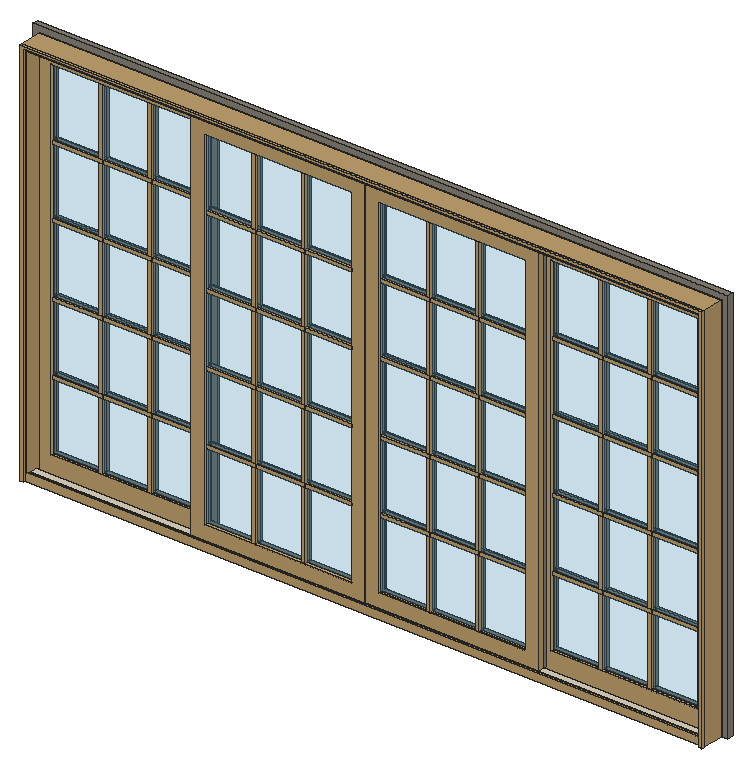
Revit family
Parameters (values of type "CSPD12068")
  Void Offset = if(and(Casing Visibility, BMC), 0' 1 5/16", if(and(Casing Visibility, Flat Casing), 0' 3", 0' 0"))  # 0' - 1 5/16"
  URL = "www.marvin.com"
  Thickness = 0' - 1 3/4"
  Sill Material = Fiberglass_Pultrusion-Marvin-Beige
  Rough Width = Width + 0' 1"  # 12' - 0"
  Rough Height = Height + 0' 0 1/2"  # 6' - 10 1/2"
  Prairie Corner Width = 0' - 4"
  Prairie Corner Height = 0' - 4"
  Operator Arrow Visibility = yes
  Nominal Width = 12' - 0"
  Nominal Height = 6' - 8"
  Muntins Interior Visibility = yes
  Muntins Interior Material = Wood-Marvin-Pine
  Muntins Exterior Visibility = yes
  Muntins Exterior Material = Aluminum-Marvin-Bronze
  Model = "CSPD12068"
  Manufacturer = "Marvin Windows and Doors"
  Lites Wide = 3
  Lites High = 5
  Lite Cut Prairie 9 = no
  Lite Cut HV Grid = not(Lite Cut Prairie 9)  # yes
  Label Visibility = no
  Jamb Extension Visibility = yes
  Interior Material = Wood-Marvin-Pine
  Inset to Installation Flange [instance] = 0' - 1"
  Height = if(Nominal Height = 6' 6", Nominal Height + 0' 1 1/2", if(Nominal Height = 6' 8", Nominal Height + 0' 2", if(Nominal Height = 7' 0", Nominal Height + 0' 2", Nominal Height - 0' 0 1/2")))  # 6' - 10"
  Wall Closure = (empty or 0)
  Width = Nominal Width - 0' 1"  # 11' - 11"
  Glazing Material = Glass-Marvin-IG Low E II with Argon
  Glass Type = "IG Low E II with Argon"
  Function = 1
  Frame = "Aluminum Clad"
  Flat Casing Visibility = and(Casing Visibility, Flat Casing)  # no
  Family created by = "www.rbuiltcomponents.com"
  Door Type = "Clad Sliding Patio Door"
  Design Pressure = "DP25"
  Description = "14480 SL DOOR"
  Daylight Area = DLO Width * DLO Height * 4  # 61.7205 SF
  DLO Width = (Width - 1' 9 1/4") / 4  # 2' - 6 7/16"
  DLO Height = Height - 0' 9"  # 6' - 1"
  Cladding Material = Aluminum-Marvin-Bronze
  Casing Width = if(BMC, 0' 1 5/16", 0' 3")  # 0' - 1 5/16"
  Casing Visibility = yes
  BMC Visibility = and(Casing Visibility, BMC)  # yes
  BMC = yes
  Flat Casing = not(BMC)  # no
  Assembly Code = ""
Reference planes (in)
  plane 1 "Center (Front/Back)": y = 0
  plane 2 "Center (Left/Right)": x = 0
  plane 3 "Top": z = 82
  plane 4 "Exterior": y = 3
  plane 5 "Interior": y = -3
  plane 6 "Inset": y = 2
  plane 7 "Glazing": y = -0.65625
  plane 8: x = -67.625
  plane 9: x = -3.03125
  plane 10: z = 77.8125
  plane 11: z = 4.8125
  plane 12 "Jamb Ext Face": y = -2.5625
  plane 13: x = -33.46875
  plane 14: x = -37.1875
  plane 15: x = -52.40625
  plane 16: x = -18.25
  plane 17 "Glazing 2": y = 1.84375
  plane 18 "Void Offset": z = 83.3125
  plane 19 "Casing": z = 83.3125
  plane 20 "Right": x = 71.5
  plane 21 "Left": x = -71.5
  plane 22: x = 67.625
  plane 23: x = 37.1875
  plane 24: x = 52.40625
  plane 25: x = 33.46875
  plane 26: x = 3.03125
  plane 27: x = 18.25
  plane 28: y = -2.59375
Forms (in)
  Sweep 1, solid, material "Aluminum-Marvin-Bronze" <- "Cladding Material"
    path origin (0, -0.65625, 0) x (1, 0, 0) y (0, 0, 1)
      loop
        line (-33.46875, 4.8125) -> (-3.03125, 4.8125) -> (-3.03125, 77.8125) -> (-33.46875, 77.8125) -> (-33.46875, 4.8125)
    profile "Clad_Panel : Clad_Panel" origin (-33.46875, -0.65625, 41.3125) x (-1, 0, 0) y (0, -1, 0)
      loop
        line (3, 0) -> (0, 0) -> (0, -0.05719) -> (0.20804, -0.26523) -> (0.20804, -0.4375) -> (3, -0.4375) -> (3, 0)
  Sweep 2, solid, material "Wood-Marvin-Pine" <- "Interior Material"
    path origin (0, -0.65625, 0) x (1, 0, 0) y (0, 0, 1)
      loop
        line (-33.46875, 77.8125) -> (-33.46875, 4.8125) -> (-3.03125, 4.8125) -> (-3.03125, 77.8125) -> (-33.46875, 77.8125)
    profile "Int_Panel : Int_Panel" origin (-33.46875, -0.65625, 41.3125) x (1, 0, 0) y (0, -1, 0)
      loop
        line (-3, 1.3125) -> (-3, 0) -> (-0.72484, 0) -> (-0.72484, 0.82511) -> (0, 0.82511) -> (0, 0.97108) -> (-0.19709, 1.3125) -> (-3, 1.3125)
  Sweep 3, solid, material "Aluminum-Marvin-Bronze" <- "Cladding Material"
    path origin (0, 2, 0) x (1, 0, 0) y (0, 0, 1)
      loop
        line (-71.5, 0) -> (-71.5, 82) -> (71.5, 82) -> (71.5, 0)
    profile "Clad_Frame : Clad_Frame" origin (-71.5, 2, 41) x (-1, 0, 0) y (0, -1, 0)
      loop
        line (0, -1.09375) -> (0, 0) -> (-0.891, 0) -> (-0.891, -0.3871) -> (-0.67848, -0.3871) -> (-0.67848, -1.09375) -> (0, -1.09375)
  Sweep 4, solid, material "Wood-Marvin-Pine" <- "Interior Material"
    path origin (0, 2, 0) x (1, 0, 0) y (0, 0, 1)
      loop
        line (-71.5, 0) -> (-71.5, 82) -> (71.5, 82) -> (71.5, 0)
    profile "Int_Frame : Int_Frame" origin (-71.5, 2, 41) x (-1, 0, 0) y (0, -1, 0)
      loop
        line (0, 0) -> (0, 4.5625) -> (-1.06374, 4.5625) -> (-1.06374, 1.46938) -> (-0.891, 1.46938) -> (-0.891, 0) -> (0, 0)
  Sweep 5, solid, material "Fiberglass_Pultrusion-Marvin-Beige" <- "Sill Material"
    path origin (0, 2, 0) x (1, 0, 0) y (0, 0, 1)
      loop
        line (70.43626, 0) -> (-70.43626, 0)
    profile "Sill : Sill" origin (0, 2, 0) x (0, 0, -1) y (0, -1, 0)
      loop
        line (-0.56617, 0) -> (0, 0) -> (0, 3.9375) -> (-1.61915, 3.9375) -> (-1.61915, 2.43933) -> (-0.82254, 2.43933) -> (-0.56617, 0)
  Extrusion 6, solid, material "Wood-Marvin-Pine" <- "Interior Material", visible <- "Jamb Extension Visibility", detail levels medium+fine
    sketch origin (0, -2.5625, 0) x (1, 0, 0) y (0, 0, 1)
      loop
        line (-71.5, 0) -> (-70.8125, 0) -> (-70.8125, 81.3125) -> (70.8125, 81.3125) -> (70.8125, 0) -> (71.5, 0) -> (71.5, 82) -> (-71.5, 82) -> (-71.5, 0)
    from 0.03125 to 0.4375
  Extrusion 7, solid, material "Glass-Marvin-IG Low E II with Argon" <- "Glazing Material"
    sketch origin (0, -0.65625, 0) x (1, 0, 0) y (0, 0, 1)
      loop
        line (-2.40625, 78.4375) -> (-34.09375, 78.4375) -> (-34.09375, 4.1875) -> (-2.40625, 4.1875) -> (-2.40625, 78.4375)
      loop
        line (34.09375, 78.4375) -> (2.40625, 78.4375) -> (2.40625, 4.1875) -> (34.09375, 4.1875) -> (34.09375, 78.4375)
    from 0 to 0.125
  Extrusion 8, solid, material "Glass-Marvin-IG Low E II with Argon" <- "Glazing Material"
    sketch origin (0, -0.65625, 0) x (1, 0, 0) y (0, 0, 1)
      loop
        line (-2.40625, 78.4375) -> (-34.09375, 78.4375) -> (-34.09375, 4.1875) -> (-2.40625, 4.1875) -> (-2.40625, 78.4375)
      loop
        line (2.40625, 78.4375) -> (2.40625, 4.1875) -> (34.09375, 4.1875) -> (34.09375, 78.4375) -> (2.40625, 78.4375)
    from 0.65625 to 0.78125
  Sweep 9, solid, material "Aluminum-Marvin-Bronze" <- "Cladding Material"
    path origin (0, 1.84375, 0) x (1, 0, 0) y (0, 0, 1)
      loop
        line (-37.1875, 4.8125) -> (-37.1875, 77.8125) -> (-67.625, 77.8125) -> (-67.625, 4.8125) -> (-37.1875, 4.8125)
    profile "Clad_Panel : Clad_Panel" origin (-37.1875, 1.84375, 41.3125) x (-1, 0, 0) y (0, -1, 0)
      loop
        line (-3, 0) -> (-3, -0.4375) -> (-0.20804, -0.4375) -> (-0.20804, -0.26523) -> (0, -0.05719) -> (0, 0) -> (-3, 0)
  Sweep 10, solid, material "Wood-Marvin-Pine" <- "Interior Material"
    path origin (0, 1.84375, 0) x (1, 0, 0) y (0, 0, 1)
      loop
        line (-37.1875, 77.8125) -> (-67.625, 77.8125) -> (-67.625, 4.8125) -> (-37.1875, 4.8125) -> (-37.1875, 77.8125)
    profile "Int_Panel : Int_Panel" origin (-37.1875, 1.84375, 41.3125) x (1, 0, 0) y (0, -1, 0)
      loop
        line (3, 1.3125) -> (0.19709, 1.3125) -> (0, 0.97108) -> (0, 0.82511) -> (0.72484, 0.82511) -> (0.72484, 0) -> (3, 0) -> (3, 1.3125)
  Extrusion 11, solid, material "Wood-Marvin-Pine" <- "Interior Material"
    sketch origin (0, 0, 0) x (0, 1, 0) y (0, 0, -1)
      loop
        line (1.84375, -1.8125) -> (1.84375, -0.58259) -> (0.53125, -0.72054) -> (0.53125, -1.8125) -> (1.84375, -1.8125)
    from 34.1875 to 70.625
  Extrusion 12, solid, material "Aluminum-Marvin-Bronze" <- "Cladding Material"
    sketch origin (0.125, 0, 0) x (0, 1, 0) y (0, 0, -1)
      loop
        line (2.28125, -1.8125) -> (2.28125, -0.53661) -> (1.84375, -0.58259) -> (1.84375, -1.8125) -> (2.28125, -1.8125)
    from 34.3125 to 70.75
  Extrusion 13, solid, material "Glass-Marvin-IG Low E II with Argon" <- "Glazing Material"
    sketch origin (0, 1.84375, 0) x (1, 0, 0) y (0, 0, 1)
      loop
        line (-36.5625, 78.4375) -> (-68.25, 78.4375) -> (-68.25, 4.1875) -> (-36.5625, 4.1875) -> (-36.5625, 78.4375)
      loop
        line (68.25, 78.4375) -> (36.5625, 78.4375) -> (36.5625, 4.1875) -> (68.25, 4.1875) -> (68.25, 78.4375)
    from 0 to 0.125
  Extrusion 14, solid, material "Glass-Marvin-IG Low E II with Argon" <- "Glazing Material"
    sketch origin (0, 1.84375, 0) x (1, 0, 0) y (0, 0, 1)
      loop
        line (-36.5625, 78.4375) -> (-68.25, 78.4375) -> (-68.25, 4.1875) -> (-36.5625, 4.1875) -> (-36.5625, 78.4375)
      loop
        line (36.5625, 78.4375) -> (36.5625, 4.1875) -> (68.25, 4.1875) -> (68.25, 78.4375) -> (36.5625, 78.4375)
    from 0.6875 to 0.8125
  Sweep 15, solid, material "Fiberglass_Pultrusion-Marvin-Beige" <- "Sill Material"
    path origin (0, 2, 0) x (1, 0, 0) y (0, 0, 1)
      loop
        line (70.82152, 0) -> (-70.82152, 0)
    profile "Clad_Sill : Clad_Sill" origin (0, 2, 0) x (0, 0, -1) y (0, -1, 0)
      loop
        line (-0.45122, -1.09375) -> (0, -1.09375) -> (0, 0) -> (-0.56617, 0) -> (-0.45122, -1.09375)
  Extrusion 16, solid, material "Wood-Marvin-Pine" <- "Interior Material"
    sketch origin (0, 0, 0) x (0, 1, 0) y (0, 0, 1)
      loop
        line (-1.9375, 1.61915) -> (-2.5625, 1.61915) -> (-2.5625, 0) -> (-1.9375, 0) -> (-1.9375, 1.61915)
    from -70.43626 to 70.43626
  Sweep 17, solid, material "Aluminum-Marvin-Bronze" <- "Cladding Material"
    path origin (0, 2, 0) x (1, 0, 0) y (0, 0, 1)
      loop
        line (35.32812, 81.109) -> (-35.32812, 81.109)
    profile "Clad_closure : Clad_closure" origin (0, 2, 81.109) x (0, 0, -1) y (0, -1, 0)
      loop
        line (0.17274, 1.46938) -> (0, 1.46938) -> (0, 0) -> (0.0625, 0) -> (0.0625, 1.40688) -> (0.23524, 1.40688) -> (0.23524, 2.65625) -> (0.17274, 2.65625) -> (0.17274, 1.46938)
  Sweep 18, solid, material "Aluminum-Marvin-Bronze" <- "Cladding Material"
    path origin (0, 1.84375, 0) x (1, 0, 0) y (0, 0, 1)
      loop
        line (-34.1875, 80.8125) -> (-34.1875, 0.53661)
    profile "Clad_closure 2 : Clad_closure 2" origin (-34.1875, 1.84375, 40.67456) x (1, 0, 0) y (0, -1, 0)
      loop
        line (-0.14149, 1.375) -> (-0.14149, 1.9375) -> (-0.20399, 1.9375) -> (-0.20399, 1.3125) -> (-0.03125, 1.3125) -> (-0.03125, 0) -> (0.03125, 0) -> (0.03125, 1.375) -> (-0.14149, 1.375)
  Extrusion 19, void
    sketch origin (0, 0, 0) x (1, 0, 0) y (0, 1, 0)
      loop
        line (-71.5, 2) -> (-71.5, -3) -> (71.5, -3) -> (71.5, 2) -> (-71.5, 2)
    from 0 to 82
  Extrusion 20, void
    sketch origin (0, 0, 0) x (1, 0, 0) y (0, 1, 0)
      loop
        line (-72.8125, 3.125) -> (-72.8125, 2) -> (72.8125, 2) -> (72.8125, 3.125) -> (-72.8125, 3.125)
    from 0 to 83.3125
  Sweep 21, solid, material "Aluminum-Marvin-Bronze" <- "Cladding Material"
    path origin (0, 1.84375, 0) x (1, 0, 0) y (0, 0, 1)
      loop
        line (67.625, 77.8125) -> (37.1875, 77.8125) -> (37.1875, 4.8125) -> (67.625, 4.8125) -> (67.625, 77.8125)
    profile "Clad_Panel : Clad_Panel" origin (52.40625, 1.84375, 77.8125) x (0, 0, -1) y (0, -1, 0)
      loop
        line (-3, 0) -> (-3, -0.4375) -> (-0.20804, -0.4375) -> (-0.20804, -0.26523) -> (0, -0.05719) -> (0, 0) -> (-3, 0)
  Extrusion 22, solid, material "Aluminum-Marvin-Bronze" <- "Cladding Material"
    sketch origin (71.875, 0, 0) x (0, 1, 0) y (0, 0, -1)
      loop
        line (2.28125, -1.8125) -> (2.28125, -0.53661) -> (1.84375, -0.58259) -> (1.84375, -1.8125) -> (2.28125, -1.8125)
    from 1.25 to 37.6875
  Sweep 23, solid, material "Wood-Marvin-Pine" <- "Interior Material"
    path origin (0, 1.84375, 0) x (1, 0, 0) y (0, 0, 1)
      loop
        line (37.1875, 77.8125) -> (37.1875, 4.8125) -> (67.625, 4.8125) -> (67.625, 77.8125) -> (37.1875, 77.8125)
    profile "Int_Panel : Int_Panel" origin (52.40625, 1.84375, 77.8125) x (0, 0, 1) y (0, -1, 0)
      loop
        line (3, 1.3125) -> (0.19709, 1.3125) -> (0, 0.97108) -> (0, 0.82511) -> (0.72484, 0.82511) -> (0.72484, 0) -> (3, 0) -> (3, 1.3125)
  Extrusion 24, solid, material "Wood-Marvin-Pine" <- "Interior Material"
    sketch origin (71.75, 0, 0) x (0, 1, 0) y (0, 0, -1)
      loop
        line (1.84375, -1.8125) -> (1.84375, -0.58259) -> (0.53125, -0.72054) -> (0.53125, -1.8125) -> (1.84375, -1.8125)
    from 1.125 to 37.5625
  Sweep 25, solid, material "Aluminum-Marvin-Bronze" <- "Cladding Material"
    path origin (0, -0.65625, 0) x (1, 0, 0) y (0, 0, 1)
      loop
        line (33.46875, 77.8125) -> (3.03125, 77.8125) -> (3.03125, 4.8125) -> (33.46875, 4.8125) -> (33.46875, 77.8125)
    profile "Clad_Panel : Clad_Panel" origin (18.25, -0.65625, 77.8125) x (0, 0, -1) y (0, -1, 0)
      loop
        line (-3, 0) -> (-3, -0.4375) -> (-0.20804, -0.4375) -> (-0.20804, -0.26523) -> (0, -0.05719) -> (0, 0) -> (-3, 0)
  Sweep 26, solid, material "Wood-Marvin-Pine" <- "Interior Material"
    path origin (0, -0.65625, 0) x (1, 0, 0) y (0, 0, 1)
      loop
        line (3.03125, 77.8125) -> (3.03125, 4.8125) -> (33.46875, 4.8125) -> (33.46875, 77.8125) -> (3.03125, 77.8125)
    profile "Int_Panel : Int_Panel" origin (18.25, -0.65625, 77.8125) x (0, 0, 1) y (0, -1, 0)
      loop
        line (3, 1.3125) -> (0.19709, 1.3125) -> (0, 0.97108) -> (0, 0.82511) -> (0.72484, 0.82511) -> (0.72484, 0) -> (3, 0) -> (3, 1.3125)
  Sweep 27, solid, material "Aluminum-Marvin-Bronze" <- "Cladding Material"
    path in 3D
      loop
        line (0.03125, -0.21875, 80.8125) -> (0.03125, -0.21875, 1.8125)
    profile "Mtg Stile : Mtg Stile" origin (0.03125, -0.21875, 41.3125) x (0, -1, 0) y (-1, 0, 0)
      loop
        line (0.0001, -0.97168) -> (0.0001, 0.82132) -> (-0.9689, 0.71948) -> (-0.9689, 0.53198) -> (-1.5939, 0.36451) -> (-1.5939, -0.51486) -> (-0.9689, -0.68233) -> (-0.9689, -0.86983) -> (0.0001, -0.97168)
  Sweep 28, solid, material "Aluminum-Marvin-Bronze" <- "Cladding Material"
    path origin (0, 1.84375, 0) x (-1, 0, 0) y (0, 0, 1)
      loop
        line (-34.1875, 80.8125) -> (-34.1875, 0.53661)
    profile "Clad_closure 2 : Clad_closure 2" origin (34.1875, 1.84375, 40.67456) x (1, 0, 0) y (0, -1, 0)
      loop
        line (0.14149, 1.375) -> (-0.03125, 1.375) -> (-0.03125, 0) -> (0.03125, 0) -> (0.03125, 1.3125) -> (0.20399, 1.3125) -> (0.20399, 1.9375) -> (0.14149, 1.9375) -> (0.14149, 1.375)
Cuts and joins
  joined: Sweep 10, Extrusion 11
  joined: Sweep 9, Extrusion 12
  joined: Sweep 5, Sweep 15
  joined: Sweep 4, Extrusion 16
  joined: Sweep 17, Sweep 18
  joined: Sweep 21, Extrusion 22
  joined: Sweep 23, Extrusion 24
Lines and regions (in)
  Masking region 1
    outline origin (0, 0, 0) x (0, 1, 0) y (0, 0, 1)
      loop
        line (3.09375, 82) -> (-2.5625, 82) -> (-2.5625, 0) -> (3.09375, 0) -> (3.09375, 82)
  Masking region 2
    outline origin (0, 0, 0) x (1, 0, 0) y (0, 1, 0)
      loop
        line (-71.5, 3.09375) -> (-71.5, -2.5625) -> (71.5, -2.5625) -> (71.5, 3.09375) -> (-71.5, 3.09375)
  Masking region 3, visible <- "Jamb Extension Visibility"
    outline origin (0, 0, 0) x (1, 0, 0) y (0, 1, 0)
      loop
        line (70.8125, -2.59375) -> (70.8125, -3) -> (71.5, -3) -> (71.5, -2.59375) -> (70.8125, -2.59375)
      loop
        line (-70.8125, -2.59375) -> (-71.5, -2.59375) -> (-71.5, -3) -> (-70.8125, -3) -> (-70.8125, -2.59375)
  Masking region 4, visible <- "Jamb Extension Visibility"
    outline origin (0, 0, 0) x (0, 1, 0) y (0, 0, 1)
      loop
        line (-2.59375, 82) -> (-3, 82) -> (-3, 0) -> (-2.59375, 0) -> (-2.59375, 82)
  symbolic lines, style "DoorsFrameMullionProjection", detail levels coarse+medium
    curve 1: line (-71.5, 3.09375, 0) -> (-70.43626, 3.09375, 0)
    curve 2: line (-70.43626, 3.09375, 0) -> (-70.43626, -2.5625, 0)
    curve 3: line (-70.43626, -2.5625, 0) -> (-71.5, -2.5625, 0)
    curve 4: line (71.5, 3.09375, 0) -> (70.4375, 3.09375, 0)
    curve 5: line (70.4375, 3.09375, 0) -> (70.4375, -2.5625, 0)
    curve 6: line (70.4375, -2.5625, 0) -> (71.5, -2.5625, 0)
    curve 15: line (0, 3.09375, 82) -> (0, 3.09375, 80.93626)
    curve 16: line (0, 3.09375, 80.93626) -> (0, -2.5625, 80.93626)
    curve 17: line (0, -2.5625, 80.93626) -> (0, -2.5625, 82)
    curve 26: line (0, -0.21875, 77.8125) -> (0, -0.21875, 4.8125)
    curve 27: line (0, -1.96875, 77.8125) -> (0, -1.96875, 4.8125)
    curve 28: line (0, 3.09375, 0.45122) -> (0, -0.43933, 0.82254)
    curve 29: line (0, -0.43933, 1.61915) -> (0, -0.43933, 0.82254)
    curve 30: line (0, -0.43933, 1.61915) -> (0, -2.5625, 1.61915)
    curve 31: line (0, -2.5625, 0) -> (0, -2.5625, 1.61915)
    curve 32: line (0, 3.09375, 0) -> (0, 3.09375, 0.45122)
    curve 33: line (0, 3.09375, 0) -> (0, -2.5625, 0)
    curve 57: line (-71.5, -3, 0) -> (-71.5, 3.09375, 0)
    curve 58: line (71.5, -3, 0) -> (71.5, 3.09375, 0)
    curve 59: line (-0.0625, -1.96875, 0) -> (-0.0625, -0.21875, 0)
    curve 60: line (34.21875, 2.28125, 0) -> (34.21875, 0.53125, 0)
    curve 82: line (0.0625, -1.96875, 0) -> (0.0625, -0.21875, 0)
    curve 83: line (0, 3.09375, 82) -> (0, -3, 82)
  symbolic lines, style "DoorsFrameMullionProjection", visible <- "Jamb Extension Visibility", detail levels coarse+medium
    curve 7: line (-71.5, -3, 0) -> (-70.8125, -3, 0)
    curve 8: line (-70.8125, -3, 0) -> (-70.8125, -2.59375, 0)
    curve 9: line (71.5, -3, 0) -> (70.8125, -3, 0)
    curve 10: line (70.8125, -3, 0) -> (70.8125, -2.59375, 0)
    curve 13: line (0, -2.59375, 81.3125) -> (0, -3, 81.3125)
    curve 14: line (0, -3, 81.3125) -> (0, -3, 82)
  symbolic lines, style "Jamb Extension", visible <- "Jamb Extension Visibility", detail levels fine
    curve 11: line (0, -2.59375, 81.3125) -> (0, -3, 81.3125)
    curve 12: line (0, -3, 81.3125) -> (0, -3, 82)
  symbolic lines, style "DoorsPanelProjection", detail levels coarse+medium
    curve 18: line (0, -0.21875, 77.8125) -> (0, -0.21875, 80.93626)
    curve 19: line (0, -1.96875, 77.8125) -> (0, -0.21875, 77.8125)
    curve 20: line (0, -1.96875, 80.93626) -> (0, -1.96875, 77.8125)
    curve 21: line (0, -0.21875, 4.8125) -> (0, -1.96875, 4.8125)
    curve 22: line (0, -0.21875, 1.8125) -> (0, -0.21875, 4.8125)
    curve 23: line (0, -1.96875, 1.8125) -> (0, -0.21875, 1.8125)
    curve 24: line (0, -1.96875, 4.8125) -> (0, -1.96875, 1.8125)
    curve 34: line (-70.43626, 2.28125, 0) -> (-67.625, 2.28125, 0)
    curve 35: line (-67.625, 2.28125, 0) -> (-67.625, 0.53125, 0)
    curve 36: line (-67.625, 0.53125, 0) -> (-70.43626, 0.53125, 0)
    curve 37: line (-34.1875, 2.28125, 0) -> (-37.1875, 2.28125, 0)
    curve 38: line (-37.1875, 2.28125, 0) -> (-37.1875, 0.53125, 0)
    curve 39: line (-37.1875, 0.53125, 0) -> (-34.1875, 0.53125, 0)
    curve 40: line (-34.1875, 2.28125, 0) -> (-34.1875, 0.53125, 0)
    curve 41: line (-0.0625, -0.21875, 0) -> (-3.03125, -0.21875, 0)
    curve 42: line (-3.03125, -0.21875, 0) -> (-3.03125, -1.96875, 0)
    curve 43: line (-3.03125, -1.96875, 0) -> (-0.0625, -1.96875, 0)
    curve 44: line (-36.46875, -0.21875, 0) -> (-33.46875, -0.21875, 0)
    curve 45: line (-33.46875, -0.21875, 0) -> (-33.46875, -1.96875, 0)
    curve 46: line (-33.46875, -1.96875, 0) -> (-36.46875, -1.96875, 0)
    curve 47: line (-36.46875, -0.21875, 0) -> (-36.46875, -1.96875, 0)
    curve 48: line (-34.29687, -0.21875, 0) -> (-34.29687, 0.53125, 0)
    curve 49: line (-36.29687, 0.53125, 0) -> (-36.29687, -0.21875, 0)
    curve 50: line (-33.46875, -0.21875, 0) -> (-3.03125, -0.21875, 0)
    curve 51: line (-33.46875, -1.96875, 0) -> (-3.03125, -1.96875, 0)
    curve 52: line (-37.1875, 0.53125, 0) -> (-67.625, 0.53125, 0)
    curve 53: line (-67.625, 2.28125, 0) -> (-37.1875, 2.28125, 0)
    curve 61: line (34.21875, 2.28125, 0) -> (37.1875, 2.28125, 0)
    curve 62: line (37.1875, 2.28125, 0) -> (37.1875, 0.53125, 0)
    curve 63: line (37.1875, 0.53125, 0) -> (34.21875, 0.53125, 0)
    curve 64: line (70.4375, 2.28125, 0) -> (67.625, 2.28125, 0)
    curve 65: line (67.625, 2.28125, 0) -> (67.625, 0.53125, 0)
    curve 66: line (67.625, 0.53125, 0) -> (70.4375, 0.53125, 0)
    curve 67: line (67.625, 0.53125, 0) -> (37.1875, 0.53125, 0)
    curve 68: line (37.1875, 2.28125, 0) -> (67.625, 2.28125, 0)
    curve 70: line (0.0625, -0.21875, 0) -> (3.03125, -0.21875, 0)
    curve 71: line (3.03125, -0.21875, 0) -> (3.03125, -1.96875, 0)
    curve 72: line (3.03125, -1.96875, 0) -> (0.0625, -1.96875, 0)
    curve 73: line (36.4375, -0.21875, 0) -> (33.46875, -0.21875, 0)
    curve 74: line (33.46875, -0.21875, 0) -> (33.46875, -1.96875, 0)
    curve 75: line (33.46875, -1.96875, 0) -> (36.4375, -1.96875, 0)
    curve 76: line (36.4375, -0.21875, 0) -> (36.4375, -1.96875, 0)
    curve 77: line (34.29687, -0.21875, 0) -> (34.29687, 0.53125, 0)
    curve 78: line (36.29687, 0.53125, 0) -> (36.29687, -0.21875, 0)
    curve 79: line (33.46875, -0.21875, 0) -> (3.03125, -0.21875, 0)
    curve 80: line (33.46875, -1.96875, 0) -> (3.03125, -1.96875, 0)
  symbolic lines, style "DoorsGlassProjection", detail levels coarse+medium
    curve 25: line (0, -1.09375, 4.8125) -> (0, -1.09375, 77.8125)
    curve 55: line (-37.1875, 1.40625, 0) -> (-67.625, 1.40625, 0)
    curve 56: line (-33.46875, -1.09375, 0) -> (-3.03125, -1.09375, 0)
    curve 69: line (67.625, 1.40625, 0) -> (37.1875, 1.40625, 0)
    curve 81: line (33.46875, -1.09375, 0) -> (3.03125, -1.09375, 0)
  symbolic lines, style "DoorsFrameMullionProjection"
    curve 54: line (-70.43626, -2.5625, 0) -> (70.4375, -2.5625, 0)
  sketch lines
    curve 84: line (0.03125, -0.21875, 80.8125) -> (0.03125, -0.21875, 1.8125)
Text (in)
  text "Exterior" at (-74.96733, 27.31104, 0), in view "Ref. Level"
  text "Interior" at (-74.96733, -25.14366, 0), in view "Ref. Level"
  text "Exterior" at (0, 40.15149, 123.01588), in view "Right"
  text "Interior" at (0, -64.39139, 123.01588), in view "Right"
  text "Interior" at (0, -31.01599, 123.00693), in view "Left"
  text "Exterior" at (0, 54.57065, 123.00693), in view "Left"
Dimensions and locks (in)
  "Height": level to plane 3 "Top"
  locked: plane 10 to plane 3 "Top" at 4.1875
  locked: level to plane 11 at 4.8125
  locked: plane 3 "Top" to Extrusion 6 sketch curve at 0.6875
  locked: plane 10 to Extrusion 7 sketch curve at 0.625
  locked: Extrusion 7 sketch curve to plane 11 at 0.625
  locked: plane 9 to Extrusion 7 sketch curve at 0.625
  locked: plane 10 to Extrusion 8 sketch curve at 0.625
  locked: Extrusion 8 sketch curve to plane 11 at 0.625
  locked: plane 9 to Extrusion 8 sketch curve at 0.625
  locked: plane 7 "Glazing" to Extrusion 7 at 0.125
  locked: plane 7 "Glazing" to Extrusion 8 at 0.78125
  locked: plane 7 "Glazing" to Extrusion 8 at 0.65625
  locked: Extrusion 8 to Extrusion 8 at 0.125
  locked: nested 3 to plane 7 "Glazing" at 0.8125
  "Inset to Installation Flange": host wall to plane 6 "Inset"
  locked: plane 7 "Glazing" to plane 6 "Inset" at 2.65625
  locked: plane 12 "Jamb Ext Face" to plane 6 "Inset" at 4.5625
  locked: nested 4 to host wall at 12
  locked: plane 13 to Extrusion 7 sketch curve at 0.625
  locked: plane 13 to Extrusion 8 sketch curve at 0.625
  equal spacing: plane 14, plane 15, plane 8
  equal spacing: plane 13, plane 16, plane 9
  locked: plane 17 "Glazing 2" to plane 6 "Inset" at 0.15625
  locked: Extrusion 13 sketch curve to plane 8 at 0.625
  locked: plane 10 to Extrusion 13 sketch curve at 0.625
  locked: Extrusion 13 sketch curve to plane 14 at 0.625
  locked: Extrusion 13 sketch curve to plane 11 at 0.625
  locked: plane 10 to Extrusion 14 sketch curve at 0.625
  locked: Extrusion 14 sketch curve to plane 8 at 0.625
  locked: Extrusion 14 sketch curve to plane 14 at 0.625
  locked: Extrusion 14 sketch curve to plane 11 at 0.625
  locked: nested 7 to plane 17 "Glazing 2" at 0.8125
  locked: plane 17 "Glazing 2" to Extrusion 13 at 0.125
  locked: plane 17 "Glazing 2" to Extrusion 14 at 0.6875
  locked: plane 17 "Glazing 2" to Extrusion 14 at 0.8125
  locked: Extrusion 14 to Extrusion 14 at 0.125
  locked: Extrusion 20 sketch curve to host wall at 0.125
  "Void Offset": plane 3 "Top" to plane 18 "Void Offset"
  "Casing Width": plane 3 "Top" to plane 19 "Casing"
  "Width": plane 20 "Right" to plane 21 "Left"
  "Void Offset": Extrusion 20 sketch curve to plane 21 "Left"
  "Void Offset": plane 20 "Right" to Extrusion 20 sketch curve
  locked: plane 21 "Left" to Extrusion 6 sketch curve at 0.6875
  locked: plane 20 "Right" to Extrusion 6 sketch curve at 0.6875
  locked: plane 13 to plane 14 at 3.71875
  locked: plane 21 "Left" to plane 8 at 3.875
  equal spacing: plane 23, plane 24, plane 22
  locked: plane 20 "Right" to plane 22 at 3.875
  "DLO Width": plane 22 to plane 23
  "DLO Width": plane 9 to plane 13
  "DLO Width": plane 8 to plane 14
  equal spacing: plane 21 "Left", plane 2 "Center (Left/Right)", plane 20 "Right"
  equal spacing: plane 13, Sweep 17 sketch curve, plane 14
  locked: Extrusion 13 sketch curve to plane 23 at 0.625
  locked: Extrusion 13 sketch curve to plane 22 at 0.625
  locked: Extrusion 14 sketch curve to plane 23 at 0.625
  locked: Extrusion 14 sketch curve to plane 22 at 0.625
  locked: plane 17 "Glazing 2" to nested 10 at 0.8125  (x2)
  locked: plane 25 to plane 23 at 3.71875
  equal spacing: plane 25, plane 27, plane 26
  "DLO Width": plane 25 to plane 26
  locked: plane 26 to Extrusion 7 sketch curve at 0.625
  locked: Extrusion 7 sketch curve to plane 25 at 0.625
  locked: plane 26 to Extrusion 8 sketch curve at 0.625
  locked: Extrusion 8 sketch curve to plane 25 at 0.625
  locked: nested 11 to plane 7 "Glazing" at 0.8125
  equal spacing: plane 25, Sweep 17 sketch curve, plane 23
  equal spacing: level, nested 13, plane 3 "Top"
  locked: nested 13 to plane 13 at 6
  locked: nested 14 to plane 25 at 6
  locked: plane 28 to plane 12 "Jamb Ext Face" at 0.03125
  aligned and locked: plane 4 "Exterior" to host wall
  aligned and locked: plane 5 "Interior" to host wall
  aligned and locked: Sweep 1 sketch curve to plane 9
  aligned and locked: Sweep 1 sketch curve to plane 11
  aligned and locked: Sweep 1 sketch curve to plane 10
  aligned and locked: Sweep 2 sketch curve to plane 10
  aligned and locked: Sweep 2 sketch curve to plane 11
  aligned and locked: Sweep 2 sketch curve to plane 9
  aligned and locked: level to Sweep 3 sketch curve  (x2)
  aligned and locked: Sweep 3 sketch curve to plane 3 "Top"
  aligned and locked: level to Sweep 4 sketch curve  (x2)
  aligned and locked: Sweep 4 sketch curve to plane 3 "Top"
  aligned and locked: level to nested 1
  aligned and locked: nested 1 to plane 6 "Inset"
  aligned and locked: Sweep 5 sketch curve to level
  aligned and locked: plane 3 "Top" to Extrusion 6 sketch curve
  aligned and locked: level to Extrusion 6 sketch curve  (x2)
  aligned and locked: Sweep 3 to Extrusion 6 sketch curve
  aligned and locked: host wall to Extrusion 6
  aligned and locked: Extrusion 7 to plane 7 "Glazing"
  aligned and locked: plane 7 "Glazing" to nested 2
  aligned and locked: plane 10 to nested 2
  aligned and locked: nested 3 to plane 10
  aligned and locked: curve 3 to plane 12 "Jamb Ext Face"
  aligned and locked: plane 12 "Jamb Ext Face" to curve 6
  aligned and locked: curve 7 to Extrusion 6
  aligned and locked: plane 3 "Top" to curve 12
  aligned and locked: Extrusion 6 to curve 11
  aligned and locked: Extrusion 6 to curve 12
  aligned and locked: Extrusion 6 to curve 13
  aligned and locked: plane 3 "Top" to curve 15
  aligned and locked: plane 12 "Jamb Ext Face" to curve 17
  aligned and locked: curve 19 to plane 10
  aligned and locked: curve 21 to plane 11
  aligned and locked: curve 21 to curve 25
  aligned and locked: plane 3 "Top" to Masking region 1 sketch curve
  aligned and locked: level to Masking region 1 sketch curve
  aligned and locked: plane 2 "Center (Left/Right)" to nested 4
  aligned and locked: Sweep 1 sketch curve to plane 13
  aligned and locked: plane 13 to Sweep 2 sketch curve
  aligned and locked: plane 16 to nested 2
  aligned and locked: nested 3 to plane 16
  aligned and locked: Sweep 9 sketch curve to plane 14
  aligned and locked: plane 10 to Sweep 9 sketch curve
  aligned and locked: plane 11 to Sweep 9 sketch curve
  aligned and locked: Sweep 9 sketch curve to plane 8
  aligned and locked: Sweep 10 sketch curve to plane 8
  aligned and locked: Sweep 10 sketch curve to plane 14
  aligned and locked: plane 10 to Sweep 10 sketch curve
  aligned and locked: plane 11 to Sweep 10 sketch curve
  aligned and locked: Sweep 10 to Extrusion 11 sketch curve
  aligned and locked: Extrusion 11 sketch curve to Sweep 10
  aligned and locked: Extrusion 11 to Sweep 10
  aligned and locked: Sweep 10 to Extrusion 11
  aligned and locked: Extrusion 12 sketch curve to Sweep 9  (x2)
  aligned and locked: cut or joined group of Sweep 10, Extrusion 11 to Extrusion 12
  aligned and locked: Extrusion 12 to Sweep 9
  aligned and locked: nested 5 to plane 15
  aligned and locked: nested 5 to plane 10
  aligned and locked: plane 2 "Center (Left/Right)" to nested 6
  aligned and locked: plane 6 "Inset" to nested 6
  aligned and locked: nested 5 to plane 17 "Glazing 2"
  aligned and locked: Extrusion 12 sketch curve to plane 17 "Glazing 2"
  aligned and locked: plane 17 "Glazing 2" to Extrusion 11 sketch curve
  aligned and locked: Sweep 5 sketch curve to Sweep 4
  aligned and locked: Sweep 4 to Sweep 5 sketch curve
  aligned and locked: Sweep 15 sketch curve to Sweep 3
  aligned and locked: Sweep 3 to Sweep 15 sketch curve
  aligned and locked: Sweep 5 to curve 29
  aligned and locked: Sweep 3 to Sweep 15
  aligned and locked: plane 12 "Jamb Ext Face" to curve 31
  aligned and locked: curve 30 to Sweep 5
  aligned and locked: curve 28 to Sweep 5
  aligned and locked: Extrusion 16 sketch curve to cut or joined group of Sweep 5, Sweep 15  (x2)
  aligned and locked: level to Extrusion 16 sketch curve
  aligned and locked: Extrusion 16 sketch curve to plane 12 "Jamb Ext Face"
  aligned and locked: Extrusion 16 to Sweep 4  (x2)
  aligned and locked: Extrusion 13 to plane 17 "Glazing 2"
  aligned and locked: Sweep 17 sketch curve to cut or joined group of Sweep 4, Extrusion 16
  aligned and locked: Sweep 18 sketch curve to cut or joined group of Sweep 9, Extrusion 12  (x2)
  aligned and locked: cut or joined group of Sweep 9, Extrusion 12 to Sweep 18 sketch curve
  aligned and locked: curve 34 to cut or joined group of Sweep 9, Extrusion 12
  aligned and locked: plane 8 to curve 35
  aligned and locked: curve 36 to cut or joined group of Sweep 10, Extrusion 11
  aligned and locked: curve 2 to curve 34
  aligned and locked: cut or joined group of Sweep 9, Extrusion 12 to curve 37
  aligned and locked: curve 38 to plane 14
  aligned and locked: curve 40 to cut or joined group of Sweep 9, Extrusion 12
  aligned and locked: cut or joined group of Sweep 10, Extrusion 11 to curve 39
  aligned and locked: curve 45 to plane 13
  aligned and locked: plane 9 to curve 42
  aligned and locked: curve 39 to curve 49
  aligned and locked: curve 44 to curve 48
  aligned and locked: curve 1 to cut or joined group of Sweep 5, Sweep 15
  aligned and locked: curve 4 to cut or joined group of Sweep 5, Sweep 15
  aligned and locked: plane 15 to nested 7
  aligned and locked: plane 10 to nested 7
  aligned and locked: curve 19 to curve 26
  aligned and locked: curve 38 to curve 55
  aligned and locked: curve 35 to curve 55
  aligned and locked: curve 45 to curve 56
  aligned and locked: curve 42 to curve 56
  aligned and locked: cut or joined group of Sweep 5, Sweep 15 to Extrusion 12 sketch curve
  aligned and locked: cut or joined group of Sweep 5, Sweep 15 to Extrusion 11 sketch curve
  aligned and locked: Extrusion 19 sketch curve to host wall
  aligned and locked: Extrusion 19 to plane 3 "Top"
  aligned and locked: plane 6 "Inset" to Extrusion 19 sketch curve
  aligned and locked: Extrusion 20 sketch curve to plane 6 "Inset"
  aligned and locked: Extrusion 20 to plane 18 "Void Offset"
  aligned and locked: Extrusion 19 to level
  aligned and locked: Extrusion 20 to level
  aligned and locked: plane 6 "Inset" to nested 8
  aligned and locked: plane 2 "Center (Left/Right)" to nested 8
  aligned and locked: level to nested 8
  aligned and locked: Extrusion 19 sketch curve to plane 21 "Left"
  aligned and locked: Extrusion 19 sketch curve to plane 20 "Right"
  aligned and locked: plane 21 "Left" to Sweep 3 sketch curve
  aligned and locked: plane 20 "Right" to Sweep 3 sketch curve
  aligned and locked: plane 21 "Left" to Sweep 4 sketch curve
  aligned and locked: plane 20 "Right" to Sweep 4 sketch curve
  aligned and locked: Extrusion 6 sketch curve to plane 21 "Left"
  aligned and locked: Extrusion 6 sketch curve to plane 20 "Right"
  aligned and locked: Masking region 2 sketch curve to plane 21 "Left"
  aligned and locked: Masking region 2 sketch curve to plane 20 "Right"
  aligned and locked: plane 10 to Sweep 21 sketch curve
  aligned and locked: Sweep 21 sketch curve to plane 23
  aligned and locked: Sweep 21 sketch curve to plane 22
  aligned and locked: plane 11 to Sweep 21 sketch curve
  aligned and locked: plane 10 to Sweep 23 sketch curve
  aligned and locked: Sweep 23 sketch curve to plane 23
  aligned and locked: Sweep 23 sketch curve to plane 22
  aligned and locked: plane 11 to Sweep 23 sketch curve
  aligned and locked: Extrusion 13 sketch curve to Extrusion 13 sketch curve  (x2)
  aligned and locked: Extrusion 14 sketch curve to Extrusion 14 sketch curve  (x2)
  aligned and locked: nested 9 to plane 17 "Glazing 2"
  aligned and locked: plane 24 to nested 9
  aligned and locked: nested 9 to plane 10
  aligned and locked: nested 10 to plane 24
  aligned and locked: plane 10 to nested 10
  aligned and locked: plane 23 to curve 62
  aligned and locked: curve 65 to plane 22
  aligned and locked: plane 10 to Sweep 25 sketch curve
  aligned and locked: Sweep 25 sketch curve to plane 25
  aligned and locked: plane 26 to Sweep 25 sketch curve
  aligned and locked: plane 11 to Sweep 25 sketch curve
  aligned and locked: plane 10 to Sweep 26 sketch curve
  aligned and locked: plane 26 to Sweep 26 sketch curve
  aligned and locked: Sweep 26 sketch curve to plane 25
  aligned and locked: plane 11 to Sweep 26 sketch curve
  aligned and locked: Extrusion 7 sketch curve to Extrusion 7 sketch curve  (x2)
  aligned and locked: Extrusion 8 sketch curve to Extrusion 8 sketch curve  (x2)
  aligned and locked: plane 27 to nested 11
  aligned and locked: nested 11 to plane 10
  aligned and locked: nested 12 to plane 27
  aligned and locked: plane 10 to nested 12
  aligned and locked: plane 7 "Glazing" to nested 12
  aligned and locked: nested 6 to curve 59
  aligned and locked: curve 60 to nested 6
  aligned and locked: nested 6 to curve 82
  aligned and locked: curve 71 to plane 26
  aligned and locked: curve 74 to plane 25
  aligned and locked: curve 76 to nested 6
  aligned and locked: curve 77 to nested 6
  aligned and locked: curve 78 to nested 6
  aligned and locked: curve 5 to nested 6
  aligned and locked: curve 16 to nested 1
  aligned and locked: plane 17 "Glazing 2" to Extrusion 24 sketch curve
  aligned and locked: cut or joined group of Sweep 5, Sweep 15 to Extrusion 24 sketch curve
  aligned and locked: Extrusion 22 sketch curve to plane 17 "Glazing 2"
  aligned and locked: cut or joined group of Sweep 5, Sweep 15 to Extrusion 22 sketch curve
  aligned and locked: Sweep 28 sketch curve to Sweep 21
  aligned and locked: Extrusion 22 to Sweep 21
  aligned and locked: Sweep 21 to Extrusion 22
  aligned and locked: Extrusion 24 to Sweep 23
  aligned and locked: Sweep 23 to Extrusion 24
  aligned and locked: Masking region 1 sketch curve to Sweep 3
  aligned and locked: curve 15 to Sweep 3
  aligned and locked: curve 32 to Sweep 3
  aligned and locked: Masking region 2 sketch curve to Sweep 3
  aligned and locked: Extrusion 22 sketch curve to Sweep 21  (x2)
  aligned and locked: Extrusion 24 sketch curve to Sweep 23  (x2)
  aligned and locked: curve 44 to Sweep 1
  aligned and locked: curve 49 to nested 6
  aligned and locked: curve 48 to nested 6
  aligned and locked: curve 46 to Sweep 2
  aligned and locked: Sweep 1 to curve 41
  aligned and locked: Sweep 2 to curve 43
  aligned and locked: curve 72 to Sweep 2
  aligned and locked: curve 70 to Sweep 25
  aligned and locked: Sweep 26 to curve 75
  aligned and locked: curve 61 to cut or joined group of Sweep 21, Extrusion 22
  aligned and locked: curve 63 to cut or joined group of Sweep 23, Extrusion 24
  aligned and locked: cut or joined group of Sweep 21, Extrusion 22 to curve 64
  aligned and locked: cut or joined group of Sweep 23, Extrusion 24 to curve 66
  aligned and locked: curve 23 to Sweep 2
  aligned and locked: curve 24 to Sweep 2
  aligned and locked: curve 22 to Sweep 1
  aligned and locked: curve 18 to Sweep 1
  aligned and locked: curve 20 to Sweep 2
  aligned and locked: nested 14 to nested 13
  aligned and locked: Extrusion 6 to plane 28
  aligned and locked: Masking region 2 sketch curve to plane 12 "Jamb Ext Face"
  aligned and locked: plane 28 to Masking region 3 sketch curve
  aligned and locked: Masking region 3 sketch curve to Extrusion 6  (x2)
  aligned and locked: Masking region 3 sketch curve to host wall
  aligned and locked: Masking region 3 sketch curve to plane 20 "Right"
  aligned and locked: Masking region 3 sketch curve to plane 28
  aligned and locked: plane 21 "Left" to Masking region 3 sketch curve
  aligned and locked: host wall to Masking region 3 sketch curve
  aligned and locked: plane 28 to curve 8
  aligned and locked: plane 28 to curve 10
  aligned and locked: plane 28 to curve 11
  aligned and locked: plane 28 to curve 13
  aligned and locked: Masking region 1 sketch curve to plane 12 "Jamb Ext Face"
  aligned and locked: plane 3 "Top" to Masking region 4 sketch curve
  aligned and locked: level to Masking region 4 sketch curve
  aligned and locked: plane 28 to Masking region 4 sketch curve
  aligned and locked: Masking region 4 sketch curve to host wall
Automatic sketch dimensions
  Sweep 15 sketch curve to level = 0' - 0"
  Sweep 28 sketch curve to level = 0' - 0.53661"
  Sweep 28 sketch curve to plane 3 "Top" = 0' - 1 3/16"
  curve 57 to plane 21 "Left" = 0' - 0"
  curve 9 to host wall = 0' - 0"
  curve 58 to plane 20 "Right" = 0' - 0"
  curve 7 to curve 7 = 0' - 0 11/16"
  curve 36 to plane 21 "Left" = 0' - 1.06374"
  curve 47 to curve 49 = 0' - 0 11/64"
  curve 9 to curve 9 = 0' - 0 11/16"
  plane 7 "Glazing" to curve 81 = 0' - 0 7/16"
  plane 7 "Glazing" to curve 56 = 0' - 0 7/16"
  plane 17 "Glazing 2" to curve 55 = 0' - 0 7/16"
  plane 17 "Glazing 2" to curve 69 = 0' - 0 7/16"
  curve 33 to level = 0' - 0"
  plane 7 "Glazing" to curve 25 = 0' - 0 7/16"
Nested families (in)
  nested 1: "Door_Section_Detail" at (0, 2, 0) x (0, -1, 0) z (1, 0, 0), type "Door_Section_Detail", detail levels fine
  nested 2: "Muntins" at (-18.25, -0.65625, -31.1875), visible <- "Muntins Exterior Visibility", Muntin Material <- "Muntins Exterior Material", type "Muntins"
    with Muntin Material Aluminum-Marvin-Bronze, GlazingWidth 2' - 6 7/16", GlazingHeight 6' - 1", Width 2' - 6 7/8", LitesVertical 5, HorizontalMuntins 4, Height 6' - 1 7/16", Inset Vert 0' - 9.91667", Inset Horiz 1' - 2 5/16"
  nested 3: "Muntins" at (-18.25, -1.46875, -31.1875), Muntin Material <- "Muntins Interior Material", visible <- "Muntins Interior Visibility", type "Muntins"
    with Muntin Material Wood-Marvin-Pine, GlazingWidth 2' - 6 7/16", GlazingHeight 6' - 1", Width 2' - 6 7/8", LitesVertical 5, HorizontalMuntins 4, Height 6' - 1 7/16", Inset Vert 0' - 9.91667", Inset Horiz 1' - 2 5/16"
  nested 4: "Label Annotation 1-16 w5" at (0, 15, 0), visible <- "Label Visibility", type "Label Annotation 1-16 w5"
  nested 5: "Muntins" at (-52.40625, 1.84375, -31.1875) x (-1, 0, 0) z (0, 0, 1), visible <- "Muntins Exterior Visibility", Muntin Material <- "Muntins Exterior Material", type "Muntins"
    with Muntin Material Aluminum-Marvin-Bronze, GlazingWidth 2' - 6 7/16", GlazingHeight 6' - 1", Width 2' - 6 7/8", LitesVertical 5, HorizontalMuntins 4, Height 6' - 1 7/16", Inset Vert 0' - 9.91667", Inset Horiz 1' - 2 5/16"
  nested 6: "Door_Plan_Detail_OXXO" at (-0.76563, 2, 0), type "Door_Plan_Detail", detail levels fine
  nested 7: "Muntins" at (-52.40625, 1.03125, -31.1875) x (-1, 0, 0) z (0, 0, 1), Muntin Material <- "Muntins Interior Material", visible <- "Muntins Interior Visibility", type "Muntins"
    with Muntin Material Wood-Marvin-Pine, GlazingWidth 2' - 6 7/16", GlazingHeight 6' - 1", Width 2' - 6 7/8", LitesVertical 5, HorizontalMuntins 4, Height 6' - 1 7/16", Inset Vert 0' - 9.91667", Inset Horiz 1' - 2 5/16"
  nested 8: "Casing_Clad" at (0, 2, 0), visible <- "Casing Visibility", type "Casing_Clad"
    with Width 11' - 11", Height 6' - 10"
  nested 9: "Muntins" at (52.40625, 1.84375, -31.1875) x (-1, 0, 0) z (0, 0, 1), visible <- "Muntins Exterior Visibility", Muntin Material <- "Muntins Exterior Material", type "Muntins"
    with Muntin Material Aluminum-Marvin-Bronze, GlazingWidth 2' - 6 7/16", GlazingHeight 6' - 1", Width 2' - 6 7/8", LitesVertical 5, HorizontalMuntins 4, Height 6' - 1 7/16", Inset Vert 0' - 9.91667", Inset Horiz 1' - 2 5/16"
  nested 10: "Muntins" at (52.40625, 1.03125, -31.1875) x (-1, 0, 0) z (0, 0, 1), Muntin Material <- "Muntins Interior Material", visible <- "Muntins Interior Visibility", type "Muntins"
    with Muntin Material Wood-Marvin-Pine, GlazingWidth 2' - 6 7/16", GlazingHeight 6' - 1", Width 2' - 6 7/8", LitesVertical 5, HorizontalMuntins 4, Height 6' - 1 7/16", Inset Vert 0' - 9.91667", Inset Horiz 1' - 2 5/16"
  nested 11: "Muntins" at (18.25, -1.46875, -31.1875), Muntin Material <- "Muntins Interior Material", visible <- "Muntins Interior Visibility", type "Muntins"
    with Muntin Material Wood-Marvin-Pine, GlazingWidth 2' - 6 7/16", GlazingHeight 6' - 1", Width 2' - 6 7/8", LitesVertical 5, HorizontalMuntins 4, Height 6' - 1 7/16", Inset Vert 0' - 9.91667", Inset Horiz 1' - 2 5/16"
  nested 12: "Muntins" at (18.25, -0.65625, -31.1875), visible <- "Muntins Exterior Visibility", Muntin Material <- "Muntins Exterior Material", type "Muntins"
    with Muntin Material Aluminum-Marvin-Bronze, GlazingWidth 2' - 6 7/16", GlazingHeight 6' - 1", Width 2' - 6 7/8", LitesVertical 5, HorizontalMuntins 4, Height 6' - 1 7/16", Inset Vert 0' - 9.91667", Inset Horiz 1' - 2 5/16"
  nested 13: "Sliding Arrow" at (-27.46875, 2, 41) x (-1, 0, 0) z (0, -1, 0), visible <- "Operator Arrow Visibility", type "Sliding Arrow"
  nested 14: "Sliding Arrow" at (27.46875, 2, 41) x (1, 0, 0) z (0, -1, 0), visible <- "Operator Arrow Visibility", type "Sliding Arrow"
Definition of nested family "Muntins"
  Parameters (values of type "Muntins")
    PrairieMuntVisible = no
    Prairie Corner Width = 0' - 4"
    Prairie Corner Height = 0' - 4"
    Muntin Extension = 0' - 0 7/16"
    GridMuntVisible = yes
    GlazingWidth = 2' - 0"
    GlazingHeight = 2' - 11 1/8"
    Width = GlazingWidth + Muntin Extension  # 2' - 0 7/16"
    VerticalMuntins = if(LitesHorizontal < 3, 2, LitesHorizontal - 1)  # 2
    VertMuntVisible = and(GridMuntVisible, LitesHorizontal > 2)  # yes
    MuntinWidth = 0' - 0 3/4"
    MuntinDepth [instance] = 0' - 0 3/8"
    Muntin Material [instance] = none
    LitesVertical = 3
    LitesHorizontal = 3
    HorizontalMuntins = if(LitesVertical < 3, 2, LitesVertical - 1)  # 2
    HorizMuntVisible = and(GridMuntVisible, LitesVertical > 2)  # yes
    Height = GlazingHeight + Muntin Extension  # 2' - 11 9/16"
    Inset Vert = if(LitesHorizontal < 3, (Width / 3) - (MuntinWidth / 2), (Width / LitesHorizontal) - (MuntinWidth / 2))  # 0' - 7.77083"
    Inset Horiz = if(LitesVertical < 3, (Height / 3) - (MuntinWidth / 2), (Height / LitesVertical) - (MuntinWidth / 2))  # 0' - 11.47917"
    CenterMuntinVertical = and(GridMuntVisible, LitesHorizontal = 2)  # no
    CenterMuntinHorizontal = and(GridMuntVisible, LitesVertical = 2)  # no
    Assembly Code = ""
  Reference planes (in)
    plane 1 "Center (Front/Back)": y = 0
    plane 2: z = 0
    plane 3 "Center (Left/Right)": x = 0
    plane 4: z = 35.78125
    plane 5: z = 53.5625
    plane 6: z = 71.34375
    plane 7: z = 59.86458
    plane 8: z = 47.26042
    plane 9: z = 71.125
    plane 10: z = 36
    plane 11: x = -12
    plane 12: x = 12
    plane 13: x = -4.44792
    plane 14: x = -12.21875
    plane 15: x = 12.21875
    plane 16: x = 4.44792
    plane 17: z = 67.125
    plane 18: z = 40
    plane 19: x = -8
    plane 20: x = 8
  Forms (in)
    Extrusion 1, solid, material <- "Muntin Material", visible <- "CenterMuntinVertical", detail levels medium+fine
      sketch origin (9, 0, 0) x (1, 0, 0) y (0, 0, 1)
        loop
          line (-9.375, 71.34375) -> (-9.375, 35.78125) -> (-8.625, 35.78125) -> (-8.625, 71.34375) -> (-9.375, 71.34375)
      from 0 to 0.375 <- "MuntinDepth"
    Extrusion 2, solid, material <- "Muntin Material", visible <- "CenterMuntinHorizontal", detail levels medium+fine
      sketch origin (-0.0013, 0, 14.6875) x (1, 0, 0) y (0, 0, 1)
        loop
          line (-12.21745, 39.25) -> (-12.21745, 38.5) -> (12.22005, 38.5) -> (12.22005, 39.25) -> (-12.21745, 39.25)
      from 0 to 0.375 <- "MuntinDepth"
    Extrusion 3, solid, material <- "Muntin Material", visible <- "VertMuntVisible", detail levels medium+fine
      sketch origin (4.92708, 0, -2.90625) x (1, 0, 0) y (0, 0, 1)
        loop
          line (-9.375, 74.25) -> (-9.375, 38.6875) -> (-8.625, 38.6875) -> (-8.625, 74.25) -> (-9.375, 74.25)
      from 0 to 0.375 <- "MuntinDepth"
    Extrusion 4, solid, material <- "Muntin Material", visible <- "HorizMuntVisible", detail levels medium+fine
      sketch origin (-3.09635, 0, 14.17708) x (1, 0, 0) y (0, 0, 1)
        loop
          line (-9.1224, 45.6875) -> (-9.1224, 44.9375) -> (15.3151, 44.9375) -> (15.3151, 45.6875) -> (-9.1224, 45.6875)
      from 0 to 0.375 <- "MuntinDepth"
    Extrusion 5, solid, material <- "Muntin Material", visible <- "HorizMuntVisible", detail levels medium+fine
      sketch origin (-3.09635, 0, 2.32292) x (1, 0, 0) y (0, 0, 1)
        loop
          line (-9.1224, 45.6875) -> (-9.1224, 44.9375) -> (15.3151, 44.9375) -> (15.3151, 45.6875) -> (-9.1224, 45.6875)
      from 0 to 0.375 <- "MuntinDepth"
    Extrusion 6, solid, material <- "Muntin Material", visible <- "VertMuntVisible", detail levels medium+fine
      sketch origin (13.07292, 0, -2.90625) x (1, 0, 0) y (0, 0, 1)
        loop
          line (-9.375, 74.25) -> (-9.375, 38.6875) -> (-8.625, 38.6875) -> (-8.625, 74.25) -> (-9.375, 74.25)
      from 0 to 0.375 <- "MuntinDepth"
    Extrusion 7, solid, material <- "Muntin Material", visible <- "PrairieMuntVisible", detail levels medium+fine
      sketch origin (1, 0, 0) x (1, 0, 0) y (0, 0, 1)
        loop
          line (-9, 71.34375) -> (-9, 35.78125) -> (-8.25, 35.78125) -> (-8.25, 71.34375) -> (-9, 71.34375)
      from 0 to 0.375 <- "MuntinDepth"
    Extrusion 8, solid, material <- "Muntin Material", visible <- "PrairieMuntVisible", detail levels medium+fine
      sketch origin (17, 0, 0) x (1, 0, 0) y (0, 0, 1)
        loop
          line (-9.75, 71.34375) -> (-9.75, 35.78125) -> (-9, 35.78125) -> (-9, 71.34375) -> (-9.75, 71.34375)
      from 0 to 0.375 <- "MuntinDepth"
    Extrusion 9, solid, material <- "Muntin Material", visible <- "PrairieMuntVisible", detail levels medium+fine
      sketch origin (-0.0013, 0, 28.25) x (1, 0, 0) y (0, 0, 1)
        loop
          line (-12.21745, 38.875) -> (-12.21745, 38.125) -> (12.22005, 38.125) -> (12.22005, 38.875) -> (-12.21745, 38.875)
      from 0 to 0.375 <- "MuntinDepth"
    Extrusion 10, solid, material <- "Muntin Material", visible <- "PrairieMuntVisible", detail levels medium+fine
      sketch origin (-0.0013, 0, 1.125) x (1, 0, 0) y (0, 0, 1)
        loop
          line (-12.21745, 39.625) -> (-12.21745, 38.875) -> (12.22005, 38.875) -> (12.22005, 39.625) -> (-12.21745, 39.625)
      from 0 to 0.375 <- "MuntinDepth"
  Cuts and joins
    joined: Extrusion 7, Extrusion 8, Extrusion 9, Extrusion 10
  Lines and regions (in)
    model lines, style "Muntins", visible <- "CenterMuntinHorizontal", detail levels coarse
      curve 1: line (-12.21875, 0, 53.5625) -> (12.21875, 0, 53.5625)
    model lines, style "Muntins", visible <- "HorizMuntVisible", detail levels coarse
      curve 2: line (-12.21875, 0, 59.48958) -> (12.21875, 0, 59.48958)
      curve 3: line (-12.21875, 0, 47.63542) -> (12.21875, 0, 47.63542)
    model lines, style "Muntins", visible <- "CenterMuntinVertical", detail levels coarse
      curve 4: line (0, 0, 71.34375) -> (0, 0, 35.78125)
    model lines, style "Muntins", visible <- "VertMuntVisible", detail levels coarse
      curve 5: line (-4.07292, 0, 71.34375) -> (-4.07292, 0, 35.78125)
      curve 6: line (4.07292, 0, 71.34375) -> (4.07292, 0, 35.78125)
    model lines, style "Muntins", visible <- "PrairieMuntVisible", detail levels coarse
      curve 7: line (-12.21875, 0, 66.75) -> (12.21875, 0, 66.75)
      curve 8: line (-12.21875, 0, 40.375) -> (12.21875, 0, 40.375)
      curve 9: line (-7.625, 0, 35.78125) -> (-7.625, 0, 71.34375)
      curve 10: line (7.625, 0, 35.78125) -> (7.625, 0, 71.34375)
  Dimensions and locks (in)
    "Inset Horiz": plane 6 to plane 7
    "Inset Horiz": plane 8 to plane 4
    equal spacing: plane 6, plane 5, plane 4
    "Height": plane 6 to plane 4
    "GlazingHeight": plane 9 to plane 10
    equal spacing: plane 9, plane 5, plane 10
    "GlazingWidth": plane 12 to plane 11
    equal spacing: plane 12, plane 3 "Center (Left/Right)", plane 11
    "MuntinWidth": Extrusion 1 sketch curve to Extrusion 1 sketch curve
    "Height": Extrusion 1 sketch curve to Extrusion 1 sketch curve
    "MuntinWidth": Extrusion 2 sketch curve to Extrusion 2 sketch curve
    "Width": Extrusion 2 sketch curve to Extrusion 2 sketch curve
    "MuntinWidth": Extrusion 3 sketch curve to Extrusion 3 sketch curve
    "Height": Extrusion 3 sketch curve to Extrusion 3 sketch curve
    "Width": plane 15 to plane 14
    equal spacing: plane 15, plane 3 "Center (Left/Right)", plane 14
    "Inset Vert": plane 13 to plane 14
    "Inset Vert": plane 15 to plane 16
    "MuntinWidth": Extrusion 4 sketch curve to Extrusion 4 sketch curve
    "Width": Extrusion 4 sketch curve to Extrusion 4 sketch curve
    "MuntinWidth": Extrusion 5 sketch curve to Extrusion 5 sketch curve
    "Width": Extrusion 5 sketch curve to Extrusion 5 sketch curve
    group 2 to group 3 = 0' - 0"  (x2)
    group 3 to group 2 = 0' - 11.85417"
    "MuntinWidth": Extrusion 6 sketch curve to Extrusion 6 sketch curve
    "Height": Extrusion 6 sketch curve to Extrusion 6 sketch curve
    group 4 to group 5 = 0' - 8.14583"
    group 4 to group 5 = 0' - 0"  (x2)
    "Prairie Corner Width": plane 19 to plane 11
    "Prairie Corner Width": plane 20 to plane 12
    "Prairie Corner Height": plane 9 to plane 17
    "Prairie Corner Height": plane 18 to plane 10
    "MuntinWidth": Extrusion 7 sketch curve to Extrusion 7 sketch curve
    "Height": Extrusion 7 sketch curve to Extrusion 7 sketch curve
    "MuntinWidth": Extrusion 8 sketch curve to Extrusion 8 sketch curve
    "Height": Extrusion 8 sketch curve to Extrusion 8 sketch curve
    "MuntinWidth": Extrusion 9 sketch curve to Extrusion 9 sketch curve
    "Width": Extrusion 9 sketch curve to Extrusion 9 sketch curve
    "MuntinWidth": Extrusion 10 sketch curve to Extrusion 10 sketch curve
    "Width": Extrusion 10 sketch curve to Extrusion 10 sketch curve
    aligned and locked: plane 6 to Extrusion 1  (x2)
    aligned and locked: Extrusion 1 to plane 4  (x3)
    aligned and locked: Extrusion 3 to plane 13  (x5)
    aligned and locked: Extrusion 3 to plane 4  (x3)
    aligned and locked: Extrusion 2 to plane 14
    aligned and locked: plane 15 to Extrusion 2
    aligned and locked: plane 6 to Extrusion 3
    aligned and locked: plane 7 to Extrusion 4
    aligned and locked: Extrusion 4 to plane 14
    aligned and locked: plane 15 to Extrusion 4
    aligned and locked: curve 1 to plane 5
    aligned and locked: plane 14 to curve 1
    aligned and locked: plane 15 to curve 1
    aligned and locked: Extrusion 5 to plane 14
    aligned and locked: Extrusion 5 to plane 8
    aligned and locked: plane 15 to Extrusion 5
    aligned and locked: Extrusion 5 to curve 3  (x2)
    aligned and locked: Extrusion 4 to curve 2  (x2)
    aligned and locked: curve 4 to plane 3 "Center (Left/Right)"
    aligned and locked: Extrusion 1 to curve 4  (x2)
    aligned and locked: Extrusion 3 to curve 5  (x2)
    aligned and locked: Extrusion 6 to curve 6  (x2)
    aligned and locked: Extrusion 6 to plane 16
    aligned and locked: plane 6 to Extrusion 6
    aligned and locked: plane 6 to curve 6
    aligned and locked: Extrusion 6 to plane 4
    aligned and locked: plane 4 to curve 6
    aligned and locked: cut or joined group of Extrusion 7, Extrusion 8, Extrusion 9, Extrusion 10 to plane 19
    aligned and locked: plane 20 to cut or joined group of Extrusion 7, Extrusion 8, Extrusion 9, Extrusion 10
    aligned and locked: plane 17 to cut or joined group of Extrusion 7, Extrusion 8, Extrusion 9, Extrusion 10
    aligned and locked: cut or joined group of Extrusion 7, Extrusion 8, Extrusion 9, Extrusion 10 to plane 18
    aligned and locked: cut or joined group of Extrusion 7, Extrusion 8, Extrusion 9, Extrusion 10 to curve 7  (x2)
    aligned and locked: cut or joined group of Extrusion 7, Extrusion 8, Extrusion 9, Extrusion 10 to curve 8  (x2)
    aligned and locked: cut or joined group of Extrusion 7, Extrusion 8, Extrusion 9, Extrusion 10 to curve 9  (x2)
    aligned and locked: cut or joined group of Extrusion 7, Extrusion 8, Extrusion 9, Extrusion 10 to curve 10  (x2)
  Automatic sketch dimensions
    Extrusion 1 sketch curve to plane 4 = 0' - 0"
    Extrusion 1 sketch curve to plane 3 "Center (Left/Right)" = 0' - 0 3/8"
    Extrusion 2 sketch curve to plane 14 = 0' - 0"
    Extrusion 2 sketch curve to plane 5 = 0' - 0 3/8"
    Extrusion 7 sketch curve to plane 4 = 0' - 0"
    Extrusion 7 sketch curve to plane 19 = 0' - 0"
    Extrusion 8 sketch curve to plane 4 = 0' - 0"
    Extrusion 8 sketch curve to plane 20 = 0' - 0 3/4"
    Extrusion 9 sketch curve to plane 14 = 0' - 0"
    Extrusion 9 sketch curve to plane 17 = 0' - 0 3/4"
    Extrusion 10 sketch curve to plane 14 = 0' - 0"
    Extrusion 10 sketch curve to plane 18 = 0' - 0"
    plane 19 to curve 9 = 0' - 0 3/8"
    curve 10 to plane 20 = 0' - 0 3/8"
    plane 18 to curve 8 = 0' - 0 3/8"
    curve 7 to plane 17 = 0' - 0 3/8"
Definition of nested family "Casing_Clad"
  Parameters (values of type "Casing_Clad")
    Width = 16' - 0"
    Height = 12' - 0"
    Flat Casing Visibility = no
    Cladding Finish = Aluminum-Marvin-Bronze
    BMC Visibility = yes
    Assembly Code = ""
  Reference planes (in)
    plane 1 "Center (Front/Back)": y = 0
    plane 2: z = 0
    plane 3 "Center (Left/Right)": x = 0
    plane 4: z = 144
    plane 5: x = -96
    plane 6: x = 96
  Forms (in)
    Sweep 1, solid, material "Aluminum-Marvin-Bronze" <- "Cladding Finish", visible <- "BMC Visibility"
      path origin (0, 0, 0) x (1, 0, 0) y (0, 0, 1)
        loop
          line (-96, 0) -> (-96, 144) -> (96, 144) -> (96, 0)
      profile "BMC_Clad : BMC_Clad" origin (96, 0, 72) x (1, 0, 0) y (0, -1, 0)
        loop
          line (0.71589, -1.25) -> (1.3125, -1.25) -> (1.3125, 0) -> (0, 0) -> (0, -1.09375) -> (0.38081, -1.09375) -> (0.71589, -1.25)
    Sweep 2, solid, material "Aluminum-Marvin-Bronze" <- "Cladding Finish", visible <- "Flat Casing Visibility"
      path origin (0, 0, 0) x (1, 0, 0) y (0, 0, 1)
        loop
          line (-96, 0) -> (-96, 144) -> (96, 144) -> (96, 0)
      profile "Flat_Casing_Clad : Flat_Casing_Clad" origin (96, 0, 72) x (1, 0, 0) y (0, -1, 0)
        loop
          line (3, -1.09375) -> (3, 0) -> (0, 0) -> (0, -1.09375) -> (3, -1.09375)
  Lines and regions (in)
    Masking region 1, visible <- "Flat Casing Visibility"
      outline origin (0, 0, 0) x (1, 0, 0) y (0, 1, 0)
        loop
          line (-96, 0) -> (-96, 1.09375) -> (-99, 1.09375) -> (-99, 0) -> (-96, 0)
    Masking region 2, visible <- "Flat Casing Visibility"
      outline origin (0, 0, 0) x (0, 1, 0) y (-1, 0, 0)
        loop
          line (0, -96) -> (0, -99) -> (1.09375, -99) -> (1.09375, -96) -> (0, -96)
    Masking region 3, visible <- "BMC Visibility"
      outline origin (0, 0, 0) x (1, 0, 0) y (0, 1, 0)
        loop
          line (96, 1.09375) -> (96, 0) -> (97.3125, 0) -> (97.3125, 1.25) -> (96.71589, 1.25) -> (96.38081, 1.09375) -> (96, 1.09375)
    Masking region 4, visible <- "BMC Visibility"
      outline origin (0, 0, 0) x (0, 1, 0) y (-1, 0, 0)
        loop
          line (1.09375, 96) -> (1.09375, 96.38081) -> (1.25, 96.71589) -> (1.25, 97.3125) -> (0, 97.3125) -> (0, 96) -> (1.09375, 96)
    Masking region 5, visible <- "Flat Casing Visibility"
      outline origin (0, 0, 0) x (0, 1, 0) y (0, 0, 1)
        loop
          line (1.09375, 147) -> (0, 147) -> (0, 144) -> (1.09375, 144) -> (1.09375, 147)
    Masking region 6, visible <- "BMC Visibility"
      outline origin (0, 0, 0) x (0, 1, 0) y (0, 0, 1)
        loop
          line (1.25, 145.3125) -> (0, 145.3125) -> (0, 144) -> (1.09375, 144) -> (1.09375, 144.38081) -> (1.25, 144.71589) -> (1.25, 145.3125)
    symbolic lines, style "Frame/Mullion", visible <- "Flat Casing Visibility", detail levels coarse+medium
      curve 1: line (0, 1.09375, 144) -> (0, 1.09375, 147)
